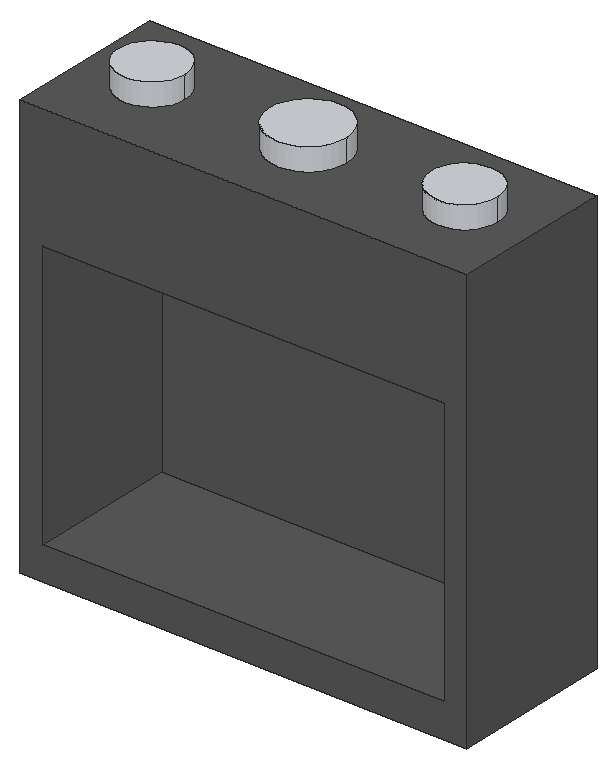
Revit family "montigo-commercial-single-sided-low-profile-fireplace-BF72", category Generic Models, Revit 2019
Family settings
  Can host rebar = No
  Round Connector Dimension = Use Diameter
  Part Type = Normal
  Work Plane-Based = No
  Always vertical = Yes
  Cut with Voids When Loaded = No
  Shared = No
  Room Calculation Point = No
Parameters
  URL = "https://www.montigo.com/"
  Model = ""
  Manufacturer Fax = ""
  Manufacturer Website = "https://www.montigo.com/"
  Manufacturer Phone - Toll Free = "800-378-3115"
  Manufacturer Phone = ""
  Manufacturer Address = "27342 Gloucester Way  Langley, BC, Canada   V4W 4A1"
  Manufacturer = "Montigo"
  Keynote = ""
  Glazing Tint = Glass - Montigo - Tint as Specified
  Frame Material = Metal - Montigo - Black
  Firebox Material = Metal - Montigo - White
  Description = "Montigo Fireplace as Specified"
Reference planes (in)
  plane 1 "Center (Front/Back)": y = 0
  plane 2: z = 0
  plane 3 "Center (Left/Right)": x = 0
Forms (in)
  Extrusion 1, solid, material "Metal - Montigo - Black" <- "Frame Material"
    sketch origin (15, -15, 0) x (1, 0, 0) y (0, 1, 0)
      loop
        line (-55, 29.5) -> (-55, 0.5) -> (25, 0.5) -> (25, 29.5) -> (-55, 29.5)
    from 0 to 76
  Extrusion 2, solid
    sketch origin (0, 0, 0) x (1, 0, 0) y (0, 1, 0)
      loop
        circle (0, 0) r 6.875
      loop
        circle (-28, -0.0025) r 5.94
      loop
        circle (28, 0) r 5.9375
    from 76 to 80
  Extrusion 3, void
    sketch origin (19.1875, -6.15625, 0) x (-1, 0, 0) y (0, 0, -1)
      loop
        line (55.1875, -54) -> (55.1875, -6) -> (-16.8125, -6) -> (-16.8125, -54) -> (55.1875, -54)
    from -18.24874 to 8.34375
Cuts and joins
  Extrusion 3 cuts Extrusion 1
Dimensions and locks (in)
  radius of Extrusion 2 sketch curve = 6 7/8"
  diameter of Extrusion 2 sketch curve = 13 3/4"
  diameter of Extrusion 2 sketch curve = 11.88"
  diameter of Extrusion 2 sketch curve = 11 7/8"
  aligned and locked: level to plane 2
Connectors (in)
  hvac at (0, 0, 80)
    settings: on Extrusion 2, index 2, duct flow 0.0 L/s, flow factor 0, pres drop 0.0 Pa, loss coef 0, conn angle 0.00°, conn width 304.8 mm, conn height 304.8 mm, conn diameter 349.25 mm, duct sys type 3, conn prof type 0, flow config 0, flow direction 0, loss method 0, conn ref index -1, conn util no, is conn primary yes, conn desc ""
  hvac at (-28, -0.0025, 80)
    settings: on Extrusion 2, index 3, duct flow 0.0 L/s, flow factor 0, pres drop 0.0 Pa, loss coef 0, conn angle 0.00°, conn width 304.8 mm, conn height 304.8 mm, conn diameter 301.724 mm, duct sys type 3, conn prof type 0, flow config 0, flow direction 0, loss method 0, conn ref index -1, conn util no, is conn primary no, conn desc ""
  hvac at (28, 0, 80)
    settings: on Extrusion 2, index 4, duct flow 0.0 L/s, flow factor 0, pres drop 0.0 Pa, loss coef 0, conn angle 0.00°, conn width 304.8 mm, conn height 304.8 mm, conn diameter 301.724 mm, duct sys type 3, conn prof type 0, flow config 0, flow direction 0, loss method 0, conn ref index -1, conn util no, is conn primary no, conn desc ""
